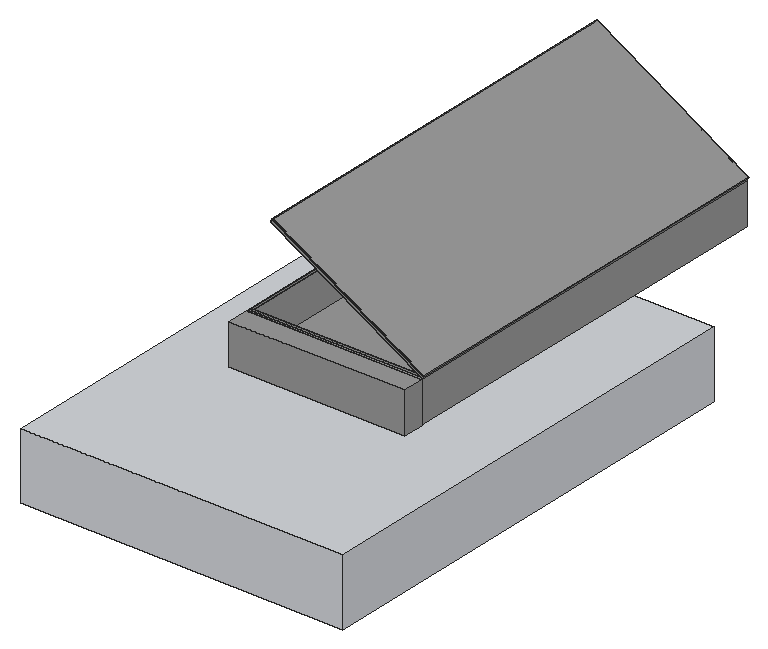
Revit family "Hager-Univers-IP44-D205-H1950-Cl.II-Encl-CH-de", category Equipement électrique, Revit 2020
Family settings
  Hôte = Face
  Configuration du panneau = Deux colonnes, circuits au sein
  Cote de connecteur circulaire = Utiliser le diamètre
  Type d'élément = Tableau de raccordement
  Couper avec des vides une fois chargée = Non
  Partagée = Non
  Point de calcul de pièce = Non
Parameters (values of type "Bodenaufstellung IP44 B800 H1950 T205  - FP23SN2")
  Width Control [instance] = if([EF000008 - Breite] > Min Width, [EF000008 - Breite], Min Width)  # 800 mm
  Commentaires du type = [HG000003 - Bereich]  # "Univers"
  Thickness Door [instance] = if([EF009171 - Materialstärke Tür/Deckel] > 3 mm, 3 mm, [EF009171 - Materialstärke Tür/Deckel])  # 1 mm
  Seal Frame Offset [instance] = 17 mm  # constant formula
  Plinth Visibility [instance] = [HG000027 - Sockelhöhe] > 0 mm  # yes
  Model = ""
  Min Width [instance] = 100 mm  # constant formula
  Min Height [instance] = 100 mm  # constant formula
  Min Depth [instance] = (2 * [EF009170 - Materialstärke Gehäuse]) + 1 mm  # 3 mm
  Internal Frame Depth [instance] = (Door System Depth * 0.5)  # 9 mm
  Height Control [instance] = if([EF000040 - Höhe] > Min Height, [EF000040 - Höhe], Min Height)  # 1950 mm
  HG000027 - Sockelhöhe = 100 mm
  HG000026 - Stehend auf dem Boden = yes
  HG000024 - Höhe des unteren Teils = 800 mm
  HG000023 - Gehäuse mit doppeltem Querschnitt = no
  HG000016 - 3D-Türsichtbarkeit [instance] = yes
  HG000015 - Sichtbarkeit der Türöffnung [instance] = no
  HG000014 - Tür rechts [instance] = yes
  HG000013 - Tür links [instance] = not([HG000014 - Tür rechts])  # no
  HG000012 - Türschwenkwinkel [instance] = 30.00°
  HG000010 - Asymmetrische Türen = no
  HG000009 - Doppelflügeligen Tür = no
  HG000006 - Unterputz = no
  HG000004 - Herstellerreferenz = "FP23SN2"
  HG000003 - Bereich = "Univers"
  HG000002 - Mit tür = yes
  Frame Offset Bottom [instance] = 10 mm  # constant formula
  Frame Offset [instance] = 15 mm  # constant formula
  EF015940 - Deckel mit Überdruckentlastung = no
  EF011959 - Schutzart (NEMA) = ""
  EF009554 - Anzahl der Öffnungen für Flanschplatten = 6
  Fabricant = "Hager"  # constant formula
  EF009212 - Ausführung Deckel = "EV000116 - geschlossen"
  EF009171 - Materialstärke Tür/Deckel = 1 mm
  EF009170 - Materialstärke Gehäuse = 1 mm
  EF008873 - Nennstrom (In) = 400 A
  EF007800 - Geeignet für Blitzschutz = no
  EF006306 - Mit Schloss = no
  EF006244 - Transparenter Deckel/Tür = no
  EF005474 - Schutzart (IP) = "EV006418 - IP44"
  EF004464 - Art der Tür = "EV002646 - Einzel"
  EF004427 - Anzahl der Module = 432
  EF004293 - Schlagfestigkeit = "EV006815 - IK09"
  EF003532 - Geeignet für Außengebrauch = no
  EF002950 - Breite in Teilungseinheiten = 36
  EF001613 - Funktionserhalt = "EV000494 - ohne"
  EF001596 - Werkstoff des Gehäuses = "EV000179 - Stahl"
  EF001131 - Innentiefe = 143 mm
  EF001088 - Anbaumöglichkeit = yes
  EF000437 - Anzahl der Leitungseinführungen = 6
  EF000339 - Art der Abdeckung = "EV001012 - Deckel"
  EF000266 - Anzahl der Reihen = 12
  EF000218 - Einbautiefe = 0 mm
  EF000118 - Mit Montageplatte = no
  EF000116 - RAL-Nummer = "9010"
  EF000049 - Tiefe = 205 mm
  EF000040 - Höhe = 1950 mm
  EF000008 - Breite = 800 mm
  EF000007 - Farbe = "EV000202 - weiß"
  EF000003 - Montageart = "EV012274 - Bodenaufstellung"
  Door System Leaf Tolerance [instance] = 1.5 mm  # constant formula
  Door System Depth [instance] = 18 mm  # constant formula
  Door Height [instance] = Height Control - [HG000027 - Sockelhöhe]  # 1850 mm
  Depth Control [instance] = if([EF000049 - Tiefe] > Min Depth, [EF000049 - Tiefe], Min Depth)  # 205 mm
  Default Elevation = 0 mm
  Connector Offset [instance] = Height Control / 2  # 975 mm
  Bottom Top Plate Trim [instance] = 1.5 mm  # constant formula
  Plinth height Ctrl [instance] = if([HG000027 - Sockelhöhe] > 0 mm, [HG000027 - Sockelhöhe], 12 mm)  # 100 mm
Types (5, lengths in mm): name | Width Control | HG000010 - Asymmetrische Türen | HG000009 - Doppelflügeligen Tür | HG000004 - Herstellerreferenz | EF009554 - Anzahl der Öffnungen für Flanschplatten | EF008873 - Nennstrom (In) | EF004464 - Art der Tür | EF004427 - Anzahl der Module | EF002950 - Breite in Teilungseinheiten | EF000437 - Anzahl der Leitungseinführungen | EF000008 - Breite
  Bodenaufstellung IP44 B1050 H1950 T205  - FP24SN2 | 1050 | no | yes | "FP24SN2" | 8 | 400 A | "EV003602 - Doppel" | 576 | 48 | 8 | 1050
  Bodenaufstellung IP44 B1300 H1950 T205  - FP25SN2 | 1300 | yes | yes | "FP25SN2" | 10 | 400 A | "EV003602 - Doppel" | 720 | 60 | 10 | 1300
  Bodenaufstellung IP44 B300 H1950 T205  - FP21SN2 | 300 | no | no | "FP21SN2" | 2 | 250 A | "EV002646 - Einzel" | 144 | 12 | 2 | 300
  Bodenaufstellung IP44 B550 H1950 T205  - FP22SN2 | 550 | no | no | "FP22SN2" | 4 | 400 A | "EV002646 - Einzel" | 288 | 24 | 4 | 550
  Bodenaufstellung IP44 B800 H1950 T205  - FP23SN2 | 800 | no | no | "FP23SN2" | 6 | 400 A | "EV002646 - Einzel" | 432 | 36 | 6 | 800
Reference planes
  plane 1 "Center (Front/Back)": y = 0
  plane 2: z = 0
  plane 3 "Center (Left/Right)": x = 0
  plane 4: z = 205
  plane 5: y = 101
  plane 6: y = 1025
  plane 7: y = 100
  plane 8: y = 1950
  plane 9: z = 0
  plane 10: x = -385
  plane 11: x = 385
  plane 12: x = 384
  plane 13: x = -384
  plane 14: y = 1949
  plane 15: x = -383
  plane 16: x = -400
  plane 17: x = 383
  plane 18: x = 400
  plane 19: x = 399
  plane 20: x = -399
  plane 21: y = 111
  plane 22: y = 1950
  plane 23: y = 1934
  plane 24: z = 187
  plane 25: z = 1
  plane 26: z = 186
  plane 27: z = 204
Forms (mm)
  Extrusion 1, solid
    sketch origin (0, 0, 0) x (1, 0, 0) y (0, 1, 0)
      loop
        line (-702.964, 1305) -> (-702.964, -811.445) -> (766.763, -811.445) -> (766.763, 1305) -> (-702.964, 1305)
    from 0 to -304.8
  Extrusion 2, solid, material "Hager_Steel_RAL7035_Light_Grey", visible <- "Plinth Visibility", detail levels medium+fine
    sketch origin (0, 0, 0) x (1, 0, 0) y (0, 1, 0)
      loop
        line (-400, 0) -> (400, 0) -> (400, 100) -> (-400, 100) -> (-400, 0)
    from 0 to 187
  Extrusion 3, solid, material "Hager_Steel_RAL7035_Light_Grey", detail levels medium+fine
    sketch origin (0, 0, 0) x (1, 0, 0) y (0, 1, 0)
      loop
        line (-400, 100) -> (400, 100) -> (400, 1950) -> (-400, 1950) -> (-400, 100)
    from 0 to 187
  Extrusion 4, void
    sketch origin (0, 0, 0) x (1, 0, 0) y (0, 1, 0)
      loop
        line (-399, 101) -> (399, 101) -> (399, 1949) -> (-399, 1949) -> (-399, 101)
    from 1 to 186
  Extrusion 5, void
    sketch origin (-381.607, -4572, 187) x (0, -1, 0) y (-1, 0, 0)
      loop
        line (-4683, 2.393) -> (-6506, 2.393) -> (-6506, -765.607) -> (-4683, -765.607) -> (-4683, 2.393)
    from 0 to 1 <- "EF009170 - Materialstärke Gehäuse"
  Extrusion 6, solid, material "Hager_Steel_RAL7035_Light_Grey", detail levels fine
    sketch origin (0, 0, 187) x (1, 0, 0) y (0, 1, 0)
      loop
        line (-384, 1934) -> (-384, 111) -> (384, 111) -> (384, 1934) -> (-384, 1934)
      loop
        line (-385, 110) -> (385, 110) -> (385, 1935) -> (-385, 1935) -> (-385, 110)
    from 0 to 9 <- "Internal Frame Depth"
  Extrusion 7, solid, material "Hager_Steel_RAL7035_Light_Grey", detail levels coarse
    sketch origin (0, 0, 0) x (1, 0, 0) y (0, 1, 0)
      loop
        line (-400, 0) -> (400, 0) -> (400, 1950) -> (-400, 1950) -> (-400, 0)
    from 0 to 205
  Sweep 8, void
    path in 3D
      loop
        line (-400, 100, 0) -> (400, 100, 0) -> (400, 100, 187) -> (-400, 100, 187) -> (-400, 100, 0)
    profile origin (-400, 100, 93.5) x (-1, 0, 0) y (0, -1, 0)
      loop
        line (0, 0) -> (0, 1.5) -> (-1.5, 1.5)
        arc (-1.5, 1.5) -> (-1.061, 0.439) -> (0, 0) r 1.5
Cuts and joins
  Extrusion 4, Extrusion 5 cuts Extrusion 3
  Sweep 8 cuts Extrusion 2
Lines and regions (mm)
  Masking region 1
    outline origin (0, 0, 0) x (1, 0, 0) y (0, 0, 1)
      loop
        line (-400, 205) -> (-400, 0) -> (400, 0) -> (400, 205) -> (-400, 205)
  Masking region 2, detail levels medium+fine
    outline origin (0, 140, 0) x (0, 1, 0) y (0, 0, 1)
      loop
        line (-40, 0) -> (1810, 0) -> (1810, 187) -> (-40, 187) -> (-40, 0)
  Masking region 3, not visible, detail levels medium+fine
    outline origin (0, 297.922, 0) x (0, 1, 0) y (0, 0, 1)
      loop
        line (738.578, 0) -> (778.578, 0) -> (778.578, 194)
        arc (778.578, 194) -> (775.649, 201.071) -> (768.578, 204) r 10
        line (768.578, 204) -> (738.578, 204) -> (738.578, 0)
  Masking region 4, detail levels coarse
    outline origin (0, 0, 180) x (0, 1, 0) y (0, 0, 1)
      loop
        line (0, -180) -> (1950, -180) -> (1950, 25) -> (0, 25) -> (0, -180)
  Masking region 5, visible <- "Plinth Visibility", detail levels medium+fine
    outline origin (0, 52.24, 12.345) x (0, 0, -1) y (0, 1, 0)
      loop
        line (10.845, 47.76) -> (-173.155, 47.76)
        arc (-173.155, 47.76) -> (-173.594, 46.699) -> (-174.655, 46.26) r 1.5
        line (-174.655, 46.26) -> (-174.655, -52.24) -> (12.345, -52.24) -> (12.345, 46.26)
        arc (12.345, 46.26) -> (11.285, 46.699) -> (10.845, 47.76) r 1.5
  Masking region 6, detail levels medium+fine
    outline origin (-381.607, -4572, 187) x (-1, 0, 0) y (0, -1, 0)
      loop
        line (18.393, -6522) -> (18.393, -4672) -> (-781.607, -4672) -> (-781.607, -6522) -> (18.393, -6522)
  Masking region 7, visible <- "Plinth Visibility", detail levels medium+fine
    outline origin (-381.607, -4727, 187) x (-1, 0, 0) y (0, -1, 0)
      loop
        arc (16.893, -4827) -> (17.332, -4825.939) -> (18.393, -4825.5) r 1.5
        line (18.393, -4825.5) -> (18.393, -4727) -> (-781.607, -4727) -> (-781.607, -4825.5)
        arc (-781.607, -4825.5) -> (-780.546, -4825.939) -> (-780.107, -4827) r 1.5
        line (-780.107, -4827) -> (16.893, -4827)
  Masking region 8, detail levels coarse
    outline origin (-442.548, -4669.526, 187) x (-1, 0, 0) y (0, -1, 0)
      loop
        line (-42.548, -6619.526) -> (-42.548, -4669.526) -> (-842.548, -4669.526) -> (-842.548, -6619.526) -> (-42.548, -6619.526)
  sketch lines
    curve 1: line (-400, 100, 187) -> (-400, 100, 0)
    curve 2: line (400, 100, 187) -> (-400, 100, 187)
    curve 3: line (400, 100, 187) -> (400, 100, 0)
    curve 4: line (-400, 100, 0) -> (400, 100, 0)
Dimensions and locks
  "Depth Control": plane 4 to Extrusion 1
  "HG000027 - Sockelhöhe": plane 1 "Center (Front/Back)" to plane 7
  "EF009170 - Materialstärke Gehäuse": plane 5 to plane 7
  locked: connector elem to plane 3 "Center (Left/Right)"
  equal spacing: plane 8, plane 6, plane 7
  locked: connector elem to plane 6
  "EF009170 - Materialstärke Gehäuse": plane 8 to plane 14
  "EF009170 - Materialstärke Gehäuse": plane 10 to plane 13
  "EF009170 - Materialstärke Gehäuse": plane 12 to plane 11
  "Frame Offset": plane 20 to plane 13
  "Frame Offset": plane 12 to plane 19
  "EF009170 - Materialstärke Gehäuse": plane 16 to plane 20
  "EF009170 - Materialstärke Gehäuse": plane 19 to plane 18
  "Seal Frame Offset": plane 16 to plane 15
  "Seal Frame Offset": plane 17 to plane 18
  "Frame Offset Bottom": plane 21 to plane 5
  "Frame Offset": plane 14 to plane 23
  equal spacing: plane 16, plane 3 "Center (Left/Right)", plane 18
  "Width Control": plane 16 to plane 18
  "EF009170 - Materialstärke Gehäuse": plane 4 to plane 27
  "EF009170 - Materialstärke Gehäuse": plane 24 to plane 26
  "EF009170 - Materialstärke Gehäuse": plane 25 to level
  "Door System Depth": plane 4 to plane 24
  "Height Control": plane 1 "Center (Front/Back)" to Extrusion 7 sketch curve
  "Height Control": Masking region 4 sketch curve to plane 1 "Center (Front/Back)"
  "Height Control": plane 1 "Center (Front/Back)" to plane 22
  "Bottom Top Plate Trim": profile plane to Sweep 8 sketch curve
  "Bottom Top Plate Trim": Sweep 8 sketch curve to profile plane
  "Plinth height Ctrl": plane 1 "Center (Front/Back)" to Extrusion 2 sketch curve
  "Plinth height Ctrl": Masking region 5 sketch curve to plane 1 "Center (Front/Back)"
  "Plinth height Ctrl": plane 1 "Center (Front/Back)" to Masking region 7 sketch curve
  "Thickness Door": Extrusion 6 sketch curve to Extrusion 6 sketch curve  (x3)
  "Thickness Door": cut or joined group of Extrusion 3, Extrusion 4, Extrusion 5 to Extrusion 6 sketch curve
  radius of Masking region 3 sketch curve = 10 mm
  "Bottom Top Plate Trim": radius of Masking region 5 sketch curve  (x2)
  "Bottom Top Plate Trim": radius of Sweep 8 sketch curve
  "Bottom Top Plate Trim": radius of Masking region 7 sketch curve  (x2)
  aligned and locked: plane 2 to Extrusion 1
  aligned and locked: level to Extrusion 1
  aligned and locked: level to Masking region 1 sketch curve
  aligned and locked: Masking region 1 sketch curve to plane 18
  aligned and locked: Masking region 1 sketch curve to plane 16
  aligned and locked: plane 7 to Masking region 2 sketch curve
  aligned and locked: level to Masking region 3 sketch curve
  aligned and locked: Masking region 3 sketch curve to plane 27
  aligned and locked: level to Masking region 2 sketch curve
  aligned and locked: plane 1 "Center (Front/Back)" to Extrusion 2 sketch curve
  aligned and locked: Extrusion 3 sketch curve to plane 7
  aligned and locked: plane 16 to Extrusion 3 sketch curve
  aligned and locked: plane 18 to Extrusion 3 sketch curve
  aligned and locked: plane 20 to Extrusion 4 sketch curve
  aligned and locked: plane 19 to Extrusion 4 sketch curve
  aligned and locked: Extrusion 4 sketch curve to plane 5
  aligned and locked: Extrusion 4 to plane 25
  aligned and locked: plane 26 to Extrusion 4
  aligned and locked: plane 24 to Extrusion 3
  aligned and locked: Extrusion 5 sketch curve to plane 21
  aligned and locked: Extrusion 5 sketch curve to plane 13
  aligned and locked: Extrusion 5 sketch curve to plane 12
  aligned and locked: plane 18 to Extrusion 7 sketch curve
  aligned and locked: plane 1 "Center (Front/Back)" to Extrusion 7 sketch curve
  aligned and locked: plane 16 to Extrusion 7 sketch curve
  aligned and locked: plane 4 to Extrusion 7
  aligned and locked: Extrusion 7 to level
  aligned and locked: level to Masking region 4 sketch curve
  aligned and locked: Masking region 4 sketch curve to plane 1 "Center (Front/Back)"
  aligned and locked: Masking region 4 sketch curve to plane 4
  aligned and locked: nested 1 to level
  aligned and locked: nested 1 to plane 16
  aligned and locked: plane 8 to Extrusion 3 sketch curve
  aligned and locked: plane 23 to Extrusion 5 sketch curve
  aligned and locked: plane 14 to Extrusion 4 sketch curve
  aligned and locked: Masking region 2 sketch curve to plane 8
  aligned and locked: level to Masking region 5 sketch curve
  aligned and locked: plane 16 to Extrusion 2 sketch curve
  aligned and locked: plane 18 to Extrusion 2 sketch curve
  aligned and locked: Masking region 5 sketch curve to plane 24
  aligned and locked: Masking region 2 sketch curve to plane 24
  aligned and locked: plane 24 to Extrusion 2
  aligned and locked: profile plane to Sweep 8 sketch curve  (x2)
  aligned and locked: Masking region 6 sketch curve to plane 18
  aligned and locked: Masking region 6 sketch curve to plane 22
  aligned and locked: Masking region 6 sketch curve to plane 16
  aligned and locked: plane 8 to plane 22
  aligned and locked: Masking region 6 sketch curve to plane 7
  aligned and locked: Masking region 7 sketch curve to plane 16
  aligned and locked: Masking region 7 sketch curve to plane 1 "Center (Front/Back)"
  aligned and locked: Masking region 7 sketch curve to plane 18
  aligned and locked: Masking region 8 sketch curve to plane 1 "Center (Front/Back)"
  aligned and locked: Masking region 8 sketch curve to plane 18
  aligned and locked: Masking region 8 sketch curve to plane 22
  aligned and locked: Masking region 8 sketch curve to plane 16
  aligned and locked: nested 2 to plane 7
  aligned and locked: plane 3 "Center (Left/Right)" to nested 2
  aligned and locked: nested 2 to plane 24
  aligned and locked: Extrusion 6 sketch curve to cut or joined group of Extrusion 3, Extrusion 4, Extrusion 5  (x4)
Automatic sketch dimensions
  Extrusion 1 sketch curve to Extrusion 1 sketch curve = 1469.727 mm
  Extrusion 1 sketch curve to Extrusion 1 sketch curve = 2116.445 mm
  Masking region 1 sketch curve to plane 4 = 0 mm
  plane 6 to Masking region 3 sketch curve = 11.5 mm
  Masking region 3 sketch curve to Masking region 3 sketch curve = 30 mm
  Masking region 5 sketch curve to plane 1 "Center (Front/Back)" = 0 mm
Nested families
  nested 1: "Hager_Enclosure_Symbol" at (-400, 0, 0) x (1, 0, 0) z (0, -1, 0), Height <- "Depth Control", Width <- "Width Control", type "Hager_Enclosure_Symbol"
    with Width_Ctrl 800 mm, Width 800 mm, Height_Ctrl 205 mm, Height 205 mm, A_Width_Int 13.453 mm, A_Width 161.438 mm, A_Height_Ctrl 179.375 mm, A_Height 179.375 mm
  nested 2: "EC000058_Univers_Door" at (0, 100, 187) x (1, 0, 0) z (0, 1, 0), Leaf_Tolerance <- "Door System Leaf Tolerance", Angle <- "HG000012 - Türschwenkwinkel", Door_Depth <- "Door System Depth", Door_Left <- "HG000013 - Tür links", Transparent <- "EF006244 - Transparenter Deckel/Tür", Assymetrical <- "HG000010 - Asymmetrische Türen", Width <- "Width Control", Clearance <- "HG000015 - Sichtbarkeit der Türöffnung", Double <- "HG000009 - Doppelflügeligen Tür", 3d_Door <- "HG000016 - 3D-Türsichtbarkeit", Lock_Visibility <- "EF006306 - Mit Schloss", Width_Ctrl <- "Width Control", Door_Right <- "HG000014 - Tür rechts", Door <- "HG000002 - Mit tür", Height <- "Door Height", Thickness <- "Thickness Door", type "EC000058_Univers_Door", detail levels medium+fine
    with min_wh 3 mm, Width_Ctrl 800 mm, Width 800 mm, Transparent no, Thickness 1 mm, Seal_Material Hager_Rubber, Lock_Visibility no, Lock_Material Hager_Plastic_RAL9005_Jet_Black, Leaf_Width 800 mm, Leaf_Tolerance_External_Sides 0 mm, Leaf_Tolerance 1.5 mm, Leaf_Offset 0 mm, Leaf_Height 1847 mm, Leaf_2_Width 800 mm, Leaf_2_Offset 400 mm, Leaf_1_Width 800 mm, Leaf_1_Offset 400 mm, Height_Ctrl 1850 mm, Height 1850 mm, Glass_Material Hager_Glass, Double_Clearance_Ctrl no, Double no, Door_Right_Ctrl yes, Door_Right yes, Door_Material Hager_Steel_RAL7035_Light_Grey, Door_Left_Ctrl no, Door_Left no, Door_Depth 18 mm, Door yes, Clearance_Material Hager_Clearance, Clearance_Depth 800 mm, Clearance_Ctrl no, Clearance no, Assymetrical no, Angle 30.00°, 3d_Door yes
Connectors
  electrical at (0, 1025, 0)
    settings: on plane 9, index 1, voltage 0 V, apparent load 0 VA, apparent load phase1 0 VA, apparent load phase2 0 VA, apparent load phase3 0 VA, power factor 1, load classification "Other", number of poles 1, system type 30, power factor state 1, is connector primary yes, connector utility no, sub classification motor no, connector description ""
Definition of nested family "EC000058_Univers_Door"
  Parameters (values of type "EC000058_Univers_Door")
    min_wh [instance] = (2 * Thickness) + 1 mm  # 11 mm
    Width_Ctrl [instance] = 400 mm
    Width [instance] = 500 mm
    Transparent [instance] = yes
    Thickness [instance] = 5 mm
    Seal_Material [instance] = none
    Lock_Visibility [instance] = yes
    Lock_Material [instance] = none
    Leaf_Width [instance] = if((Width_Ctrl - 2 * Leaf_Tolerance_External_Sides) > 0 mm, (Width_Ctrl - 2 * Leaf_Tolerance_External_Sides), min_wh)  # 400 mm
    Leaf_Tolerance_External_Sides [instance] = 0 mm  # constant formula
    Leaf_Tolerance [instance] = 1.5 mm
    Leaf_Offset [instance] = 0 mm  # constant formula
    Leaf_Height [instance] = if((Height_Ctrl - 2 * Leaf_Tolerance) > 0 mm, (Height_Ctrl - 2 * Leaf_Tolerance), min_wh)  # 497 mm
    Leaf_2_Width [instance] = if(and(and(Double, Assymetrical), Door_Left), (Leaf_Width / 3) - (Leaf_Tolerance / 2), if(and(and(Double, Assymetrical), Door_Right), (Leaf_Width / 3) * 2 - (Leaf_Tolerance / 2), if(and(Double, not(Assymetrical)), (Leaf_Width / 2) - Leaf_Tolerance, Leaf_Width)))  # 400 mm
    Leaf_2_Offset [instance] = if(and(Double, Assymetrical), Leaf_2_Width / 2, if(and(Double, not(Assymetrical)), Leaf_Width / 4, Leaf_Width / 2))  # 200 mm
    Leaf_1_Width [instance] = if(and(and(Double, Assymetrical), Door_Right), (Leaf_Width / 3) - (Leaf_Tolerance / 2), if(and(and(Double, Assymetrical), Door_Left), (Width / 3) * 2 - (Leaf_Tolerance / 2), if(and(Double, not(Assymetrical)), (Leaf_Width / 2) - Leaf_Tolerance, Leaf_Width)))  # 400 mm
    Leaf_1_Offset [instance] = if(and(Double, Assymetrical), Leaf_1_Width / 2, if(and(Double, not(Assymetrical)), Leaf_Width / 4, Leaf_Width / 2))  # 200 mm
    Height_Ctrl [instance] = if(Height > min_wh, Height, min_wh)  # 500 mm
    Height [instance] = 500 mm
    Glass_Material [instance] = none
    Double_Clearance_Ctrl [instance] = and(Double, Clearance)  # no
    Double [instance] = no
    Door_Right_Ctrl [instance] = and(or(Door_Right, Double), Door)  # yes
    Door_Right [instance] = yes
    Door_Material [instance] = none
    Door_Left_Ctrl [instance] = and(or(Door_Left, Double), Door)  # no
    Door_Left [instance] = no
    Door_Depth [instance] = 30 mm
    Door [instance] = yes
    Default Elevation = 1219.2 mm
    Clearance_Material [instance] = none
    Clearance_Depth [instance] = if(Leaf_1_Width > Leaf_2_Width, Leaf_1_Width, Leaf_2_Width)  # 400 mm
    Clearance_Ctrl [instance] = and(not(Double), Clearance)  # yes
    Clearance [instance] = yes
    Assymetrical [instance] = yes
    Angle [instance] = 30.00°
    3d_Door [instance] = yes
  Reference planes
    plane 1 "Center (Front/Back)": y = 0
    plane 2 "Bottom": z = 0
    plane 3 "Center (Left/Right)": x = 0
    plane 4: z = 500
    plane 5: x = -200
    plane 6: x = 200
    plane 7: z = 500
    plane 8: x = -200
    plane 9: z = 0
    plane 10: x = 200
    plane 11: y = 0
    plane 12: z = 1.5
    plane 13: x = -600
    plane 14: y = -400
    plane 15: x = 600
    plane 16: x = 0
    plane 17: x = 0
    plane 18: x = -200
    plane 19: x = 200
    plane 20: z = 498.5
  Forms (mm)
    Extrusion 1, solid, material <- "Clearance_Material", visible <- "Double_Clearance_Ctrl"
      sketch origin (1200, 0, 0) x (1, 0, 0) y (0, 0, -1)
        loop
          line (-1800, -498.5) -> (-600, -498.5) -> (-600, 0) -> (-1800, 0) -> (-1800, -498.5)
      from 0 to -400
  Dimensions and locks
    equal spacing: plane 5, plane 3 "Center (Left/Right)", plane 6
    "Width_Ctrl": plane 5 to plane 6
    "Leaf_Offset": plane 5 to plane 8
    "Leaf_Offset": plane 6 to plane 10
    "Leaf_Offset": plane 9 to level
    "Leaf_Offset": plane 4 to plane 7
    "Height_Ctrl": plane 4 to level
    "Leaf_Tolerance": plane 12 to plane 9
    locked: plane 11 to plane 1 "Center (Front/Back)"
    "Leaf_1_Offset": plane 18 to plane 16
    "Leaf_2_Offset": plane 17 to plane 19
    "Leaf_1_Width": plane 13 to plane 8
    "Leaf_2_Width": plane 10 to plane 15
    "Clearance_Depth": plane 14 to plane 1 "Center (Front/Back)"
    "Leaf_Tolerance_External_Sides": plane 8 to plane 18
    "Leaf_Tolerance_External_Sides": plane 19 to plane 10
    "Leaf_Tolerance": plane 7 to plane 20
    aligned and locked: level to plane 2 "Bottom"
    aligned and locked: nested 1 to plane 16
    aligned and locked: nested 2 to plane 17
    aligned and locked: Extrusion 1 to plane 13
    aligned and locked: plane 15 to Extrusion 1
    aligned and locked: Extrusion 1 to plane 14
    aligned and locked: plane 12 to nested 1
    aligned and locked: nested 2 to plane 12
    aligned and locked: Extrusion 1 to plane 11
    aligned and locked: plane 20 to Extrusion 1
    aligned and locked: nested 2 to plane 11
    aligned and locked: nested 1 to plane 11
  Automatic sketch dimensions
    Extrusion 1 sketch curve to level = 0 mm
    plane 5 to Extrusion 1 sketch curve = 400 mm
    plane 6 to Extrusion 1 sketch curve = 400 mm
    Extrusion 1 sketch curve to plane 4 = 1.5 mm
  Nested families
    nested 1: "EC000058_Univers_Door_Leaf" at (0, 0, 1.5), Width <- "Leaf_1_Width", visible <- "Door_Left_Ctrl", Leaf_Height <- "Leaf_Height", Angle <- "Angle", 3d_Door <- "3d_Door", Transparent <- "Transparent", Clearance Material <- "Clearance_Material", Clearance <- "Clearance_Ctrl", Door_Material <- "Door_Material", Glass_Material <- "Glass_Material", Door_Depth <- "Door_Depth", Lock_Material <- "Lock_Material", Seal_Material <- "Seal_Material", Lock_Visibility <- "Lock_Visibility", Thickness <- "Thickness", type "EC000058_Univers_Door_Leaf"
      with Width 400 mm, Transparent_Glass_Offset 30 mm, Transparent_Ctrl yes, Transparent yes, Thickness 5 mm, Standard no, Seal_Material none, Seal_D2 8 mm, Seal_D1 1 mm, Offset_Internal_Frame 10 mm, Lock_Width 20 mm, Lock_Visibility_3d yes, Lock_Visibility yes, Lock_Thickness_3 3 mm, Lock_Thickness_2 1 mm, Lock_Thickness_1 3 mm, Lock_Radius_Offset_2 16 mm, Lock_Radius_Offset_1 15 mm, Lock_Radius_2 5 mm, Lock_Radius 6 mm, Lock_Offset 5 mm, Lock_Material none, Lock_Height 80 mm, Lock_Cover_Top_Offset_2d 17 mm, Lock_Cover_Height -65 mm, Leaf_Height 497 mm, Internal_Seal_Thickness 8 mm, Internal_Seal_Depth_2 4.5 mm, Internal_Frame_Depth 25 mm, Glass_Thickness -1 mm, Glass_Offset -2 mm, Glass_Material none, Door_Material none, Door_Depth 30 mm, Clearance Material none, Clearance yes, Angle_Ctrl 30.00°, Angle 30.00°, 3d_Door yes
    nested 2: "EC000058_Univers_Door_Leaf" at (0, 0, 1.5) x (-1, 0, 0) z (0, 0, 1), Width <- "Leaf_2_Width", visible <- "Door_Right_Ctrl", Leaf_Height <- "Leaf_Height", Angle <- "Angle", 3d_Door <- "3d_Door", Transparent <- "Transparent", Clearance Material <- "Clearance_Material", Clearance <- "Clearance_Ctrl", Door_Material <- "Door_Material", Glass_Material <- "Glass_Material", Door_Depth <- "Door_Depth", Lock_Material <- "Lock_Material", Seal_Material <- "Seal_Material", Lock_Visibility <- "Lock_Visibility", Thickness <- "Thickness", type "EC000058_Univers_Door_Leaf"
      with Width 400 mm, Transparent_Glass_Offset 30 mm, Transparent_Ctrl yes, Transparent yes, Thickness 5 mm, Standard no, Seal_Material none, Seal_D2 8 mm, Seal_D1 1 mm, Offset_Internal_Frame 10 mm, Lock_Width 20 mm, Lock_Visibility_3d yes, Lock_Visibility yes, Lock_Thickness_3 3 mm, Lock_Thickness_2 1 mm, Lock_Thickness_1 3 mm, Lock_Radius_Offset_2 16 mm, Lock_Radius_Offset_1 15 mm, Lock_Radius_2 5 mm, Lock_Radius 6 mm, Lock_Offset 5 mm, Lock_Material none, Lock_Height 80 mm, Lock_Cover_Top_Offset_2d 17 mm, Lock_Cover_Height -65 mm, Leaf_Height 497 mm, Internal_Seal_Thickness 8 mm, Internal_Seal_Depth_2 4.5 mm, Internal_Frame_Depth 25 mm, Glass_Thickness -1 mm, Glass_Offset -2 mm, Glass_Material none, Door_Material none, Door_Depth 30 mm, Clearance Material none, Clearance yes, Angle_Ctrl 30.00°, Angle 30.00°, 3d_Door yes
  Definition of nested family "EC000058_Univers_Door_Leaf"
    Parameters (values of type "EC000058_Univers_Door_Leaf")
      Width [instance] = 2000 mm
      Transparent_Glass_Offset [instance] = 30 mm
      Transparent_Ctrl [instance] = and(Transparent, [3d_Door])  # yes
      Transparent [instance] = yes
      Thickness [instance] = 5 mm
      Standard [instance] = and(not(Transparent), [3d_Door])  # no
      Seal_Material [instance] = none
      Seal_D2 [instance] = 8 mm  # constant formula
      Seal_D1 [instance] = 1 mm  # constant formula
      Offset_Internal_Frame [instance] = 10 mm  # constant formula
      Lock_Width [instance] = 20 mm  # constant formula
      Lock_Visibility_3d [instance] = and(Lock_Visibility, [3d_Door])  # yes
      Lock_Visibility [instance] = yes
      Lock_Thickness_3 [instance] = 3 mm  # constant formula
      Lock_Thickness_2 [instance] = 1 mm  # constant formula
      Lock_Thickness_1 [instance] = 3 mm  # constant formula
      Lock_Radius_Offset_2 [instance] = Lock_Radius_Offset_1 + 1 mm  # 16 mm
      Lock_Radius_Offset_1 [instance] = 15 mm  # constant formula
      Lock_Radius_2 [instance] = Lock_Radius - 1 mm  # 5 mm
      Lock_Radius [instance] = 6 mm  # constant formula
      Lock_Offset [instance] = 5 mm  # constant formula
      Lock_Material [instance] = none
      Lock_Height [instance] = 80 mm  # constant formula
      Lock_Cover_Top_Offset_2d [instance] = Lock_Radius_Offset_2 + 1 mm  # 17 mm
      Lock_Cover_Height [instance] = -(Lock_Height - Lock_Radius_Offset_1)  # -65 mm
      Leaf_Height [instance] = 2720.336 mm
      Internal_Seal_Thickness [instance] = 8 mm  # constant formula
      Internal_Seal_Depth_2 [instance] = 4.5 mm  # constant formula
      Internal_Frame_Depth [instance] = if(Door_Depth - Thickness > 5 mm, Door_Depth - Thickness, 5 mm)  # 25 mm
      Glass_Thickness [instance] = if(Thickness > 15 mm, Glass_Offset + 10 mm, -1 mm)  # -1 mm
      Glass_Offset [instance] = if(Thickness > 15 mm, -(Thickness + 10 mm) / 2, -2 mm)  # -2 mm
      Glass_Material [instance] = none
      Door_Material [instance] = none
      Door_Depth [instance] = 30 mm
      Default Elevation = 0 mm
      Clearance Material [instance] = none
      Clearance [instance] = yes
      Angle_Ctrl [instance] = if(Angle > 180.00°, 180.00°, Angle)  # 90.00°
      Angle [instance] = 90.00°
      3d_Door [instance] = yes
    Reference planes
      plane 1 "Center (Front/Back)": y = 0
      plane 2: z = 0
      plane 3 "Center (Left/Right)": x = 0
      plane 4: y = 2000
      plane 5: x = -1000
      plane 6: x = 1000
      plane 7: x = -3000
      plane 8: z = 2720.336
      plane 9: z = 30
      plane 10: z = 2690.336
      plane 11: x = 970
      plane 12: x = -970
      plane 13: y = -3
      plane 14: z = 107.833
      plane 15: y = -5
      plane 16: y = -223.314
      plane 17: x = -1000
      plane 18: z = 1360.168
      plane 19: y = 30
    Forms (mm)
      Extrusion 1, solid, material <- "Clearance Material", visible <- "Clearance"
        sketch origin (0, 0, 0) x (1, 0, 0) y (0, 0, 1)
          loop
            line (-3000, 2720.336) -> (-3000, 0) -> (1000, 0) -> (1000, 2720.336) -> (-3000, 2720.336)
        from 0 to -2000
      Extrusion 2, solid, material <- "Door_Material", visible <- "Standard", detail levels medium+fine
        sketch origin (-1000, 0, 0) x (0, 1, 0) y (-1, 0, 0)
          loop
            line (0, 30) -> (0, 25) -> (2000, 25) -> (2000, 30) -> (0, 30)
        from 0 to 2720.336 <- "Leaf_Height"
      Extrusion 3, solid, material <- "Door_Material", visible <- "Transparent_Ctrl", detail levels medium+fine
        sketch origin (-1000, 0, 0) x (0, 1, 0) y (-1, 0, 0)
          loop
            line (0, 25) -> (2000, 25) -> (2000, 30) -> (0, 30) -> (0, 25)
        from 0 to 2720.336 <- "Leaf_Height"
      Extrusion 4, void
        sketch origin (-1025, 2000, 0) x (0, 1, 0) y (0, 0, -1)
          loop
            line (-30, -2690.336) -> (-30, -30) -> (-1970, -30) -> (-1970, -2690.336) -> (-30, -2690.336)
        from 0 to 5 <- "Thickness"
      Sweep 5, solid, material <- "Seal_Material", visible <- "Transparent_Ctrl", detail levels fine
        path in 3D
          loop
            line (-1025, 30, 30) -> (-1025, 30, 2690.336) -> (-1025, 1970, 2690.336) -> (-1025, 1970, 30) -> (-1025, 30, 30)
        profile origin (-1025, 1000, 30) x (1, 0, 0) y (0, 0, 1)
          loop
            line (0, 0) -> (0, -8) -> (1, -8) -> (1, 0) -> (0, 0)
      Extrusion 6, solid, material <- "Glass_Material", visible <- "Transparent_Ctrl", detail levels medium+fine
        sketch origin (-1030, 0, 0) x (0, 1, 0) y (0, 0, -1)
          loop
            line (1970, -2690.336) -> (1970, -30) -> (30, -30) -> (30, -2690.336) -> (1970, -2690.336)
        from -2 <- "Glass_Offset" to -1 <- "Glass_Thickness"
      Extrusion 7, solid, material <- "Door_Material", visible <- "3d_Door", detail levels medium+fine
        sketch origin (-1025, 2000, 0) x (0, -1, 0) y (0, 0, -1)
          loop
            line (0, -2720.336) -> (2000, -2720.336) -> (2000, 0) -> (0, 0) -> (0, -2720.336)
          loop
            line (1995, -5) -> (5, -5) -> (5, -2715.336) -> (1995, -2715.336) -> (1995, -5)
        from 0 to 25 <- "Internal_Frame_Depth"
      Sweep 8, solid, material <- "Seal_Material", visible <- "Transparent_Ctrl", detail levels fine
        path in 3D
          loop
            line (-1025, 0, 0) -> (-1025, 2000, 0) -> (-1025, 2000, 2720.336) -> (-1025, 0, 2720.336) -> (-1025, 0, 0)
        profile origin (-1025, 0, 1360.168) x (1, 0, 0) y (0, 1, 0)
          loop
            line (0, 10) -> (2.975, 10)
            arc (2.975, 10) -> (4.053, 10.447) -> (4.5, 11.525) r 1.525
            line (4.5, 11.525) -> (4.5, 16.527)
            arc (4.5, 16.527) -> (4.069, 17.569) -> (3.027, 18) r 1.473
            line (3.027, 18) -> (0, 18) -> (0, 10)
      Extrusion 9, solid, material <- "Lock_Material", visible <- "Lock_Visibility_3d", detail levels fine
        sketch origin (-1030, 0, 0) x (0, 1, 0) y (0, 0, -1)
          loop
            arc (1993.5, -1400.168) -> (1994.561, -1399.729) -> (1995, -1398.668) r 1.5
            line (1995, -1398.668) -> (1995, -1320.168) -> (1975, -1320.168) -> (1975, -1398.668)
            arc (1975, -1398.668) -> (1975.439, -1399.729) -> (1976.5, -1400.168) r 1.5
            line (1976.5, -1400.168) -> (1993.5, -1400.168)
        from 3 <- "Lock_Thickness_1" to 0
      Blend 10, solid, material <- "Lock_Material", visible <- "Lock_Visibility_3d", detail levels fine
        base sketch origin (-1033, 0, 0) x (0, 1, 0) y (0, 0, -1)
          loop
            line (1975, -1320.168) -> (1975, -1398.668)
            arc (1975, -1398.668) -> (1975.439, -1399.729) -> (1976.5, -1400.168) r 1.5
            line (1976.5, -1400.168) -> (1993.5, -1400.168)
            arc (1993.5, -1400.168) -> (1994.561, -1399.729) -> (1995, -1398.668) r 1.5
            line (1995, -1398.668) -> (1995, -1320.168) -> (1975, -1320.168)
        top sketch origin (-1033, 0, 0) x (0, 1, 0) y (0, 0, -1)
          loop
            line (1976, -1320.168) -> (1976, -1398.668)
            arc (1976, -1398.668) -> (1976.146, -1399.022) -> (1976.5, -1399.168) r 0.5
            line (1976.5, -1399.168) -> (1993.5, -1399.168)
            arc (1993.5, -1399.168) -> (1993.854, -1399.022) -> (1994, -1398.668) r 0.5
            line (1994, -1398.668) -> (1994, -1320.168) -> (1976, -1320.168)
        from 0 to 1 <- "Lock_Thickness_2"
      Blend 11, solid, material <- "Lock_Material", visible <- "Lock_Visibility_3d", detail levels fine
        base sketch origin (-1034, 0, 0) x (0, 1, 0) y (0, 0, -1)
          loop
            line (1978, -1320.168) -> (1978, -1384.168)
            arc (1978, -1384.168) -> (1985, -1391.168) -> (1992, -1384.168) r 7
            line (1992, -1384.168) -> (1992, -1320.168) -> (1978, -1320.168)
        top sketch origin (-1034, 0, 0) x (0, 1, 0) y (0, 0, -1)
          loop
            line (1991, -1320.168) -> (1979, -1320.168) -> (1979, -1383.168)
            arc (1979, -1383.168) -> (1985, -1389.168) -> (1991, -1383.168) r 6
            line (1991, -1383.168) -> (1991, -1320.168)
        from 0 to 3 <- "Lock_Thickness_3"
      Extrusion 12, solid, material <- "Lock_Material", visible <- "Lock_Visibility_3d", detail levels fine
        sketch origin (-1030, 1975, 1320.168) x (1, 0, 0) y (0, -1, 0)
          loop
            line (-7, -19) -> (-7, -1) -> (0, -1) -> (0, 0) -> (-8, 0) -> (-8, -20) -> (0, -20) -> (0, -19) -> (-7, -19)
        from 0 to -65 <- "Lock_Cover_Height"
      Extrusion 13, void
        sketch origin (-1038, 1995, 1320.168) x (-1, 0, 0) y (0, 0, -1)
          loop
            line (-5, -65) -> (0, -65) -> (-5, -60) -> (-5, -65)
        from 0 to 20 <- "Lock_Width"
      Extrusion 14, void
        sketch origin (-1038, 1975, 1320.168) x (0, -1, 0) y (0, 0, -1)
          loop
            circle (-10, -15.995) r 6
          loop
            circle (-10, -15.995) r 5
        from 0 to 2
      Extrusion 15, solid, material <- "Lock_Material", visible <- "Lock_Visibility_3d", detail levels medium
        sketch origin (-1030, 0, 0) x (0, 1, 0) y (0, 0, -1)
          loop
            arc (1993.5, -1400.168) -> (1994.561, -1399.729) -> (1995, -1398.668) r 1.5
            line (1995, -1398.668) -> (1995, -1320.168) -> (1975, -1320.168) -> (1975, -1398.668)
            arc (1975, -1398.668) -> (1975.439, -1399.729) -> (1976.5, -1400.168) r 1.5
            line (1976.5, -1400.168) -> (1993.5, -1400.168)
        from 8 to 0
    Cuts and joins
      Extrusion 4 cuts Extrusion 3
      Extrusion 13, Extrusion 14 cuts Extrusion 9
      Extrusion 14 cuts Blend 11
      Extrusion 13, Extrusion 14 cuts Extrusion 12
      joined: Extrusion 9, Blend 10, Blend 11, Extrusion 12
      Extrusion 14 cuts Extrusion 15
    Lines and regions (mm)
      Masking region 1, visible <- "Lock_Visibility", detail levels fine
        outline origin (0, 0, 0) x (0, 1, 0) y (0, 0, 1)
          loop
            line (30, 1320.168) -> (33, 1320.168) -> (33, 1400.168) -> (30, 1400.168) -> (30, 1320.168)
      Masking region 2, visible <- "Lock_Visibility", detail levels fine
        outline origin (0, 3.143, 0) x (0, 1, 0) y (0, 0, 1)
          loop
            line (29.857, 1354.168) -> (30.857, 1354.168) -> (30.857, 1366.168) -> (29.857, 1366.168) -> (29.857, 1354.168)
      Masking region 3, detail levels medium+fine
        outline origin (0, 0, 0) x (0, 1, 0) y (0, 0, 1)
          loop
            line (0, 0) -> (30, 0) -> (30, 2720.336) -> (0, 2720.336) -> (0, 0)
      Masking region 4, detail levels medium+fine
        outline origin (0, 0, 0) x (1, 0, 0) y (0, 0, 1)
          loop
            line (-1000, 2720.336) -> (-1000, 0) -> (1000, 0) -> (1000, 2720.336) -> (-1000, 2720.336)
      Masking region 5, visible <- "Lock_Visibility", detail levels fine
        outline origin (-47.116, 0, 0) x (1, 0, 0) y (0, 0, 1)
          loop
            arc (1024.616, 1399.168) -> (1023.556, 1398.729) -> (1023.116, 1397.668) r 1.5
            line (1023.116, 1397.668) -> (1023.116, 1320.168) -> (1041.116, 1320.168) -> (1041.116, 1397.668)
            arc (1041.116, 1397.668) -> (1040.677, 1398.729) -> (1039.616, 1399.168) r 1.5
            line (1039.616, 1399.168) -> (1024.616, 1399.168)
      Masking region 6, visible <- "Lock_Visibility", detail levels medium+fine
        outline origin (-25, 0, 0) x (1, 0, 0) y (0, 0, 1)
          loop
            arc (1001.5, 1400.168) -> (1000.439, 1399.729) -> (1000, 1398.668) r 1.5
            line (1000, 1398.668) -> (1000, 1320.168) -> (1020, 1320.168) -> (1020, 1398.668)
            arc (1020, 1398.668) -> (1019.561, 1399.729) -> (1018.5, 1400.168) r 1.5
            line (1018.5, 1400.168) -> (1001.5, 1400.168)
      Masking region 7, visible <- "Lock_Visibility", detail levels fine
        outline origin (-73.735, 0, 0) x (1, 0, 0) y (0, 0, 1)
          loop
            line (1051.735, 1382.168) -> (1065.735, 1382.168) -> (1065.735, 1384.168)
            arc (1065.735, 1384.168) -> (1058.735, 1391.168) -> (1051.735, 1384.168) r 7
            line (1051.735, 1384.168) -> (1051.735, 1382.168)
      Masking region 8, visible <- "Lock_Visibility", detail levels fine
        outline origin (-73.735, 0, 0) x (1, 0, 0) y (0, 0, 1)
          loop
            line (1052.735, 1382.168) -> (1064.735, 1382.168) -> (1064.735, 1383.168)
            arc (1064.735, 1383.168) -> (1058.735, 1389.168) -> (1052.735, 1383.168) r 6
            line (1052.735, 1383.168) -> (1052.735, 1382.168)
      Masking region 9, visible <- "Lock_Visibility", detail levels fine
        outline origin (-25, 0, 0) x (1, 0, 0) y (0, 0, 1)
          loop
            line (1020, 1320.168) -> (1020, 1382.168) -> (1000, 1382.168) -> (1000, 1320.168) -> (1020, 1320.168)
      Masking region 10, detail levels medium+fine
        outline origin (0, 0, 0) x (1, 0, 0) y (0, 0, 1)
          loop
            circle (985, 1335.144) r 6
      Masking region 11, detail levels fine
        outline origin (0, 0, 0) x (1, 0, 0) y (0, 0, 1)
          loop
            circle (985, 1335.144) r 5
      Masking region 12, visible <- "Lock_Visibility", detail levels fine
        outline origin (0, 12.767, 0) x (0, 1, 0) y (0, 0, 1)
          loop
            line (20.233, 1320.168) -> (21.233, 1320.168) -> (21.233, 1399.168) -> (20.233, 1400.168) -> (20.233, 1320.168)
      Masking region 13, visible <- "Lock_Visibility", detail levels fine
        outline origin (0, 13.767, -10) x (0, 1, 0) y (0, 0, 1)
          loop
            line (20.233, 1330.168) -> (23.233, 1330.168) -> (23.233, 1399.168) -> (20.233, 1402.168) -> (20.233, 1330.168)
      Masking region 14, visible <- "Lock_Visibility", detail levels fine
        outline origin (0, 12.767, -10) x (0, 1, 0) y (0, 0, 1)
          loop
            line (20.233, 1330.168) -> (25.233, 1330.168) -> (25.233, 1399.305) -> (20.233, 1394.305) -> (20.233, 1330.168)
      Masking region 15, visible <- "Lock_Visibility", detail levels medium
        outline origin (0, 0, 0) x (0, 1, 0) y (0, 0, 1)
          loop
            line (30, 1320.168) -> (38, 1320.168) -> (38, 1400.168) -> (30, 1400.168) -> (30, 1320.168)
      Masking region 16, visible <- "Lock_Visibility", detail levels fine
        outline origin (-1000, 0, 0) x (0, 1, 0) y (-1, 0, 0)
          loop
            line (1975, 30) -> (1995, 30) -> (1995, 38) -> (1975, 38) -> (1975, 30)
          loop
            line (1979, 37) -> (1976, 37) -> (1976, 34) -> (1978, 34) -> (1979, 37)
          loop
            line (1994, 37) -> (1991, 37) -> (1992, 34) -> (1994, 34) -> (1994, 37)
      Masking region 17, visible <- "Lock_Visibility", detail levels medium
        outline origin (-1000, 0, 0) x (0, 1, 0) y (-1, 0, 0)
          loop
            line (1975, 30) -> (1995, 30) -> (1995, 38) -> (1975, 38) -> (1975, 30)
      symbolic lines
        curve 1: line (1000, 0, 0) -> (-3000, 0, 0)
        curve 2: arc (1000, 0, 0) -> (-1000, 2000, 0) -> (-3000, 0, 0) r 2000
        curve 4: line (-1030, 0, 0) -> (-1030, 2000, 0)
      reference lines
        curve 3: line (-1000, 0, 0) -> (-1000, 2000, 0)
      symbolic lines, detail levels medium+fine
        curve 5: line (-1030, 2000, 0) -> (-1025, 2000, 0)
        curve 7: line (-1025, 0, 0) -> (-1030, 0, 0)
        curve 8: line (-1025, 0, 0) -> (-1000, 0, 0)
        curve 9: line (-1000, 0, 0) -> (-1000, 2000, 0)
        curve 10: line (-1000, 2000, 0) -> (-1025, 2000, 0)
      symbolic lines, detail levels fine
        curve 6: line (-1025, 2000, 0) -> (-1025, 0, 0)
      sketch lines
        curve 11: line (-1025, 0, 2720.336) -> (-1025, 0, 0)
        curve 12: line (-1025, 2000, 0) -> (-1025, 0, 0)
        curve 13: line (-1025, 2000, 2720.336) -> (-1025, 2000, 0)
        curve 14: line (-1025, 0, 2720.336) -> (-1025, 2000, 2720.336)
        curve 15: line (-1025, 1970, 30) -> (-1025, 30, 30)
        curve 16: line (-1025, 30, 30) -> (-1025, 30, 2690.336)
        curve 17: line (-1025, 1970, 2690.336) -> (-1025, 1970, 30)
        curve 18: line (-1025, 30, 2690.336) -> (-1025, 1970, 2690.336)
      symbolic lines, visible <- "Transparent", detail levels medium+fine
        curve 19: line (-970, 0, 2690.336) -> (970, 0, 2690.336)
        curve 20: line (-970, 0, 30) -> (-970, 0, 2690.336)
        curve 21: line (970, 0, 30) -> (-970, 0, 30)
        curve 22: line (970, 0, 2690.336) -> (970, 0, 30)
    Dimensions and locks
      "Width": plane 1 "Center (Front/Back)" to plane 4
      equal spacing: plane 5, plane 3 "Center (Left/Right)", plane 6
      "Width": plane 5 to plane 6
      "Width": plane 7 to plane 5
      "Leaf_Height": plane 8 to level
      "Width": curve 5 to curve 3
      "Width": curve 3 to curve 3
      plane 8 to plane 10 = 30 mm
      plane 9 to level = 30 mm
      plane 12 to plane 5 = 30 mm
      plane 6 to plane 11 = 30 mm
      Extrusion 1 to Extrusion 4 sketch curve = 30 mm
      "Transparent_Glass_Offset": curve 3 to Extrusion 4 sketch curve
      "Transparent_Glass_Offset": Extrusion 4 sketch curve to cut or joined group of Extrusion 3, Extrusion 4  (x2)
      cut or joined group of Extrusion 3, Extrusion 4 to Extrusion 6 sketch curve = 30 mm
      "Transparent_Glass_Offset": cut or joined group of Extrusion 3, Extrusion 4 to Extrusion 4 sketch curve
      "Thickness": curve 6 to curve 4
      "Thickness": Extrusion 7 sketch curve to Extrusion 7 sketch curve  (x4)
      "Door_Depth": curve 4 to curve 3
      "Offset_Internal_Frame": profile plane to Sweep 8 sketch curve
      "Internal_Seal_Thickness": Sweep 8 sketch curve to Sweep 8 sketch curve
      "Internal_Seal_Depth_2": profile plane to Sweep 8 sketch curve
      "Seal_D1": profile plane to Sweep 5 sketch curve
      "Seal_D2": profile plane to Sweep 5 sketch curve
      "Thickness": Extrusion 2 sketch curve to Extrusion 2 sketch curve
      equal spacing: Extrusion 9 sketch curve, plane 18, Extrusion 9 sketch curve  (x2)
      equal spacing: Masking region 1 sketch curve, plane 18, Masking region 1 sketch curve
      "Lock_Height": Masking region 1 sketch curve to Masking region 1 sketch curve
      "Lock_Radius": Masking region 2 sketch curve to plane 18 to Masking region 2 sketch curve
      Masking region 2 sketch curve to Masking region 1 = 1 mm
      "Door_Depth": plane 19 to plane 1 "Center (Front/Back)"
      "Lock_Thickness_1": Masking region 1 sketch curve to plane 19
      "Lock_Width": Extrusion 9 sketch curve to Extrusion 9 sketch curve
      "Lock_Height": Extrusion 9 sketch curve to Extrusion 9 sketch curve
      "Lock_Offset": cut or joined group of Extrusion 3, Extrusion 4 to Extrusion 9 sketch curve
      equal spacing: plane 8, plane 18, level
      "Lock_Radius_Offset_1": Blend 11 sketch curve to Blend 10
      locked: Blend 10 to Blend 11 sketch curve at 2  (x2)
      locked: var sketch to Blend 11 sketch curve at 1  (x2)
      "Lock_Radius_Offset_2": Blend 11 sketch curve to Blend 10
      locked: Extrusion 12 sketch curve to Extrusion 12 sketch curve at 1  (x3)
      Masking region 6 sketch curve to Masking region 6 sketch curve = 80 mm
      "Lock_Height": Masking region 6 sketch curve to Masking region 6 sketch curve
      "Lock_Width": Masking region 6 sketch curve to Masking region 6 sketch curve
      locked: Masking region 6 to Masking region 5 sketch curve at 1  (x3)
      locked: Masking region 5 to Masking region 7 sketch curve at 2  (x2)
      "Lock_Radius_Offset_1": Masking region 5 to Masking region 7 sketch curve
      "Lock_Radius_Offset_2": Masking region 5 to Masking region 8 sketch curve
      locked: Masking region 7 to Masking region 8 sketch curve at 1  (x2)
      "Lock_Cover_Top_Offset_2d": Masking region 5 to Masking region 9 sketch curve
      equal spacing: Masking region 9, Masking region 10 sketch curve, Masking region 9
      equal spacing: Masking region 9, Masking region 11 sketch curve, Masking region 9
      Extrusion 15 sketch curve to Extrusion 15 sketch curve = 80 mm
      "Lock_Width": Extrusion 15 sketch curve to Extrusion 15 sketch curve
      "Lock_Height": Extrusion 15 sketch curve to Extrusion 15 sketch curve
      equal spacing: Extrusion 15 sketch curve, plane 18, Extrusion 15 sketch curve
      "Lock_Thickness_3": Masking region 13 sketch curve to Masking region 13 sketch curve
      "Lock_Height": Masking region 12 sketch curve to Masking region 12 sketch curve
      locked: Masking region 13 sketch curve to Masking region 1 at 8
      locked: Masking region 14 sketch curve to Masking region 13 at 1
      locked: Masking region 14 sketch curve to Masking region 1 at 10.863
      "Lock_Height": Masking region 15 sketch curve to Masking region 15 sketch curve
      "Lock_Offset": Extrusion 15 sketch curve to cut or joined group of Extrusion 3, Extrusion 4
      "Lock_Offset": plane 6 to Masking region 6 sketch curve
      radius of Sweep 8 sketch curve = 1.525 mm
      radius of Sweep 8 sketch curve = 1.473 mm
      radius of Extrusion 9 sketch curve = 1.5 mm  (x2)
      "Lock_Radius": radius of Extrusion 14 sketch curve
      "Lock_Radius_2": radius of Extrusion 14 sketch curve
      "Lock_Radius": radius of Masking region 10 sketch curve
      "Lock_Radius_2": radius of Masking region 11 sketch curve
      radius of Extrusion 15 sketch curve = 1.5 mm  (x2)
      "Angle_Ctrl": angle plane 1 "Center (Front/Back)" to curve 3
      locked: Masking region 12 sketch curve to Masking region 12 sketch curve (angle 45.00°)
      locked: Masking region 13 sketch curve to Masking region 13 sketch curve (angle 45.00°)
      locked: Masking region 14 sketch curve to Masking region 14 sketch curve (angle 45.00°)
      aligned and locked: level to plane 2
      aligned and locked: Extrusion 1 to curve 1
      aligned and locked: plane 6 to Extrusion 1
      aligned and locked: Extrusion 1 to plane 1 "Center (Front/Back)"
      aligned and locked: plane 4 to Extrusion 1
      aligned and locked: plane 8 to Extrusion 1
      aligned and locked: curve 7 to Extrusion 2 sketch curve
      aligned and locked: curve 5 to Extrusion 2 sketch curve
      aligned and locked: curve 7 to Extrusion 3 sketch curve
      aligned and locked: Extrusion 3 sketch curve to curve 4
      aligned and locked: Extrusion 3 sketch curve to curve 6
      aligned and locked: Extrusion 3 sketch curve to curve 5
      aligned and locked: curve 9 to curve 3
      aligned and locked: Extrusion 7 sketch curve to cut or joined group of Extrusion 3, Extrusion 4  (x4)
      aligned and locked: plane 17 to curve 3
      aligned and locked: plane 1 "Center (Front/Back)" to curve 3
      aligned and locked: plane 17 to plane 5
      aligned and locked: Sweep 8 sketch curve to profile plane
      aligned and locked: Sweep 5 sketch curve to profile plane  (x2)
      aligned and locked: Masking region 1 to Masking region 2 sketch curve
      aligned and locked: plane 19 to Masking region 1 sketch curve
      aligned and locked: plane 1 "Center (Front/Back)" to Masking region 3 sketch curve
      aligned and locked: plane 19 to Masking region 3 sketch curve
      aligned and locked: level to Masking region 3 sketch curve
      aligned and locked: Masking region 3 sketch curve to plane 8
      aligned and locked: plane 17 to Masking region 4 sketch curve
      aligned and locked: level to Masking region 4 sketch curve
      aligned and locked: Masking region 4 sketch curve to plane 8
      aligned and locked: plane 12 to curve 20
      aligned and locked: plane 10 to curve 19
      aligned and locked: plane 11 to curve 22
      aligned and locked: curve 21 to plane 9
      aligned and locked: Extrusion 2 sketch curve to cut or joined group of Extrusion 3, Extrusion 4
      aligned and locked: Blend 10 sketch curve to Extrusion 9  (x4)
      aligned and locked: Extrusion 9 to Blend 10 sketch curve
      aligned and locked: Blend 10 to Blend 11 sketch curve
      aligned and locked: Extrusion 12 sketch curve to Blend 11
      aligned and locked: Extrusion 12 sketch curve to Extrusion 9  (x4)
      aligned and locked: Masking region 5 sketch curve to Masking region 6
      aligned and locked: Masking region 9 sketch curve to Masking region 6  (x3)
      aligned and locked: Masking region 12 sketch curve to Masking region 1
      aligned and locked: Masking region 13 sketch curve to Masking region 1
      aligned and locked: Masking region 12 to Masking region 14
      aligned and locked: Masking region 14 sketch curve to Masking region 1
      aligned and locked: Masking region 15 sketch curve to Masking region 14
      aligned and locked: Masking region 13 sketch curve to Masking region 12
      aligned and locked: Masking region 16 sketch curve to cut or joined group of Extrusion 14, Extrusion 15  (x4)
      aligned and locked: Masking region 16 sketch curve to cut or joined group of Extrusion 9, Blend 10, Blend 11, Extrusion 12, Extrusion 13, Extrusion 14  (x6)
      aligned and locked: cut or joined group of Extrusion 9, Blend 10, Blend 11, Extrusion 12, Extrusion 13, Extrusion 14 to Masking region 16 sketch curve
      aligned and locked: Masking region 17 sketch curve to cut or joined group of Extrusion 14, Extrusion 15  (x3)
      aligned and locked: Masking region 17 sketch curve to cut or joined group of Extrusion 9, Blend 10, Blend 11, Extrusion 12, Extrusion 13, Extrusion 14
      aligned and locked: Masking region 9 to Masking region 8 sketch curve
      aligned and locked: Masking region 9 to Masking region 7 sketch curve
    Automatic sketch dimensions
      plane 1 "Center (Front/Back)" to curve 2 = 0 mm
      curve 2 to plane 5 = 0 mm
      Extrusion 1 sketch curve to level = 0 mm
      Extrusion 1 sketch curve to plane 7 = 0 mm
      Extrusion 1 sketch curve to plane 6 = 0 mm
      Extrusion 1 sketch curve to plane 8 = 0 mm
      Extrusion 3 to Extrusion 6 sketch curve = 30 mm  (x4)
      Masking region 4 sketch curve to plane 6 = 0 mm
      Blend 10 sketch curve to Extrusion 9 = 1.5 mm
      Blend 10 sketch curve to Extrusion 9 = 1 mm
      Extrusion 13 sketch curve to Extrusion 12 = 0 mm  (x2)
      Extrusion 12 to Extrusion 13 sketch curve = 3 mm
      Extrusion 13 sketch curve to Extrusion 12 = 5 mm
      Extrusion 14 sketch curve to Extrusion 14 sketch curve = 0 mm  (x2)
      Extrusion 14 sketch curve to Extrusion 12 = 10 mm
      Extrusion 14 sketch curve to Extrusion 12 = 15.995 mm
      Masking region 5 sketch curve to Masking region 5 sketch curve = 1.5 mm  (x2)
      Masking region 10 sketch curve to plane 18 = 25.024 mm
      Masking region 11 sketch curve to plane 18 = 25.024 mm
      plane 19 to Masking region 14 sketch curve = 3 mm
      Masking region 16 sketch curve to Masking region 16 sketch curve = 3 mm
      curve 4 to curve 3 = 0 mm
      Blend 10 to Blend 11 sketch curve = 0 mm
      Masking region 6 sketch curve to Masking region 6 sketch curve = 1.5 mm  (x2)
      Masking region 6 sketch curve to plane 18 = 40 mm
      plane 19 to Masking region 12 sketch curve = 3 mm
      Masking region 12 sketch curve to Masking region 12 sketch curve = 1 mm
      Masking region 15 sketch curve to plane 19 = 0 mm
      Masking region 15 sketch curve to plane 18 = 40 mm
      radius of Blend 10 sketch curve to Extrusion 9 = 1 mm
Definition of nested family "Hager_Enclosure_Symbol"
  Parameters (values of type "Hager_Enclosure_Symbol")
    Width_Ctrl [instance] = if(Width > 1 mm, Width, 1 mm)  # 102.27 mm
    Width [instance] = 102.27 mm
    Height_Ctrl [instance] = if(Height > 1 mm, Height, 1 mm)  # 66.5 mm
    A_Width_Int [instance] = if(A_Width / 12 > 2 mm, A_Width / 12, 2 mm)  # 4.364 mm
    A_Width [instance] = if(A_Height_Ctrl * 0.9 > 2 mm, A_Height_Ctrl * 0.9, 2 mm)  # 52.369 mm
    A_Height_Ctrl [instance] = if(A_Height > 2 mm, A_Height, 2 mm)  # 58.188 mm
    Height [instance] = 66.5 mm
    A_Height [instance] = Height - (Height / 8)  # 58.188 mm
  Reference planes
    plane 1 "Centre (avant/arrière)": y = 0
    plane 2: z = 0
    plane 3 "Centre (gauche/droite)": x = 0
    plane 4: x = 52.369
    plane 5: y = 33.042
    plane 6: y = 41.77
    plane 7: y = 66.5
    plane 8: x = 26.184
    plane 9: y = 37.406
    plane 10: x = 102.27
    plane 11: y = 66.5
    plane 12: y = 8.313
  Lines and regions (mm)
    Filled region 1, type "Solid_Black", in view "Niveau de réf."
      outline origin (0, 0, 0) x (1, 0, 0) y (0, 1, 0)
        loop
          line (52.369, 66.5) -> (33.188, 54.536) -> (45.365, 45.006) -> (52.369, 66.5)
    Filled region 2, type "Solid_Black", in view "Niveau de réf."
      outline origin (0, 0, 0) x (1, 0, 0) y (0, 1, 0)
        loop
          line (0, 0) -> (102.27, 0) -> (102.27, 66.5) -> (0, 0)
    detail lines, in view "Niveau de réf."
      curve 1: line (0, 8.313, 0) -> (26.184, 41.77, 0)
      curve 2: line (26.184, 41.77, 0) -> (26.184, 33.042, 0)
      curve 3: line (26.184, 33.042, 0) -> (52.369, 66.5, 0)
  Dimensions and locks
    "A_Width": plane 3 "Centre (gauche/droite)" to plane 4
    equal spacing: plane 3 "Centre (gauche/droite)", plane 8, plane 4
    equal spacing: plane 6, plane 9, plane 5
    equal spacing: curve 3, Filled region 1 sketch curve, Filled region 1 sketch curve
    "Height_Ctrl": plane 1 "Centre (avant/arrière)" to plane 11
    "A_Height_Ctrl": plane 11 to plane 12
    equal spacing: plane 11, plane 9, plane 12
    "A_Width_Int": plane 6 to plane 9
    "Width_Ctrl": plane 3 "Centre (gauche/droite)" to plane 10
    angle Filled region 1 sketch curve to curve 3 = 20.00°
    angle curve 3 to Filled region 1 sketch curve = 20.00°
    locked: curve 3 to Filled region 1 sketch curve (angle 90.00°)
    aligned and locked: plane 10 to Filled region 2
    aligned and locked: plane 11 to Filled region 2 sketch curve
    aligned and locked: plane 10 to Filled region 2 sketch curve
    aligned and locked: plane 3 "Centre (gauche/droite)" to curve 1
    aligned and locked: plane 12 to curve 1
    aligned and locked: plane 7 to plane 11
  Automatic sketch dimensions
    Filled region 1 sketch curve to plane 4 = 0 mm
    Filled region 1 sketch curve to plane 7 = 0 mm
    plane 1 "Centre (avant/arrière)" to Filled region 2 sketch curve = 0 mm
    Filled region 2 sketch curve to plane 3 "Centre (gauche/droite)" = 0 mm
    curve 2 to plane 6 = 0 mm
    curve 2 to plane 8 = 0 mm
    curve 3 to plane 4 = 0 mm
    curve 2 to plane 5 = 0 mm
    curve 3 to plane 7 = 0 mm
